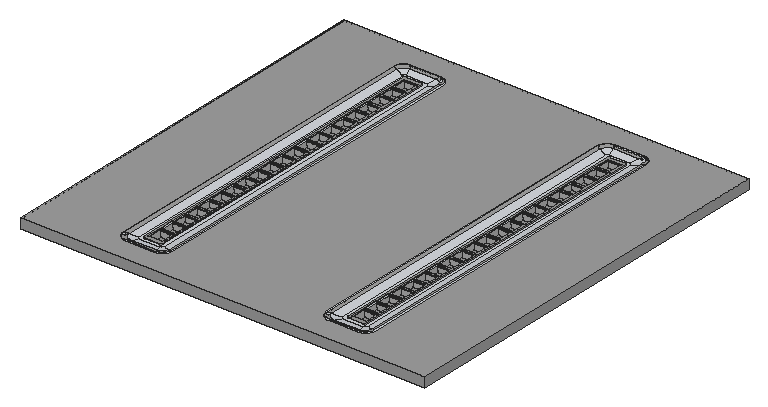
Revit family "0044016 Sylvania Lighting Fixture OptiClip 600 4000K C9 WH CC WHITE", category Lighting Fixtures, host Face, Revit 2016 (continued)
Automatic sketch dimensions
  Blend 25 sketch curve to plane 64 = 4.7 mm
  Extrusion 26 sketch curve to plane 75 = 0 mm
  Extrusion 26 sketch curve to plane 77 = 0 mm
  Extrusion 26 sketch curve to plane 76 = 0 mm
  Extrusion 26 sketch curve to plane 74 = 0 mm
  Extrusion 27 sketch curve to plane 77 = 0 mm
  Extrusion 27 sketch curve to plane 76 = 0 mm
  plane 33 to Extrusion 27 sketch curve = 4.7 mm
  Extrusion 27 sketch curve to plane 32 = 4.7 mm
  Extrusion 28 sketch curve to plane 77 = 0 mm
  Extrusion 28 sketch curve to plane 76 = 0 mm
  plane 35 to Extrusion 28 sketch curve = 4.655 mm
  Extrusion 28 sketch curve to plane 34 = 4.7 mm
  Extrusion 29 sketch curve to plane 77 = 0 mm
  Extrusion 29 sketch curve to plane 76 = 0 mm
  plane 37 to Extrusion 29 sketch curve = 4.745 mm
  Extrusion 29 sketch curve to plane 36 = 4.7 mm
  Extrusion 30 sketch curve to plane 77 = 0 mm
  Extrusion 30 sketch curve to plane 76 = 0 mm
  plane 39 to Extrusion 30 sketch curve = 4.7 mm
  Extrusion 30 sketch curve to plane 38 = 4.7 mm
  Extrusion 31 sketch curve to plane 77 = 0 mm
  Extrusion 31 sketch curve to plane 76 = 0 mm
  plane 41 to Extrusion 31 sketch curve = 4.7 mm
  Extrusion 31 sketch curve to plane 40 = 4.7 mm
  Extrusion 32 sketch curve to plane 77 = 0 mm
  Extrusion 32 sketch curve to plane 76 = 0 mm
  plane 43 to Extrusion 32 sketch curve = 4.7 mm
  Extrusion 32 sketch curve to plane 42 = 4.7 mm
  Extrusion 33 sketch curve to plane 77 = 0 mm
  Extrusion 33 sketch curve to plane 76 = 0 mm
  plane 45 to Extrusion 33 sketch curve = 4.674 mm
  Extrusion 33 sketch curve to plane 44 = 4.7 mm
  Extrusion 34 sketch curve to plane 77 = 0 mm
  Extrusion 34 sketch curve to plane 76 = 0 mm
  plane 47 to Extrusion 34 sketch curve = 4.726 mm
  Extrusion 34 sketch curve to plane 46 = 4.7 mm
  Extrusion 35 sketch curve to plane 77 = 0 mm
  Extrusion 35 sketch curve to plane 76 = 0 mm
  plane 49 to Extrusion 35 sketch curve = 4.7 mm
  Extrusion 35 sketch curve to plane 48 = 4.7 mm
  Extrusion 36 sketch curve to plane 77 = 0 mm
  Extrusion 36 sketch curve to plane 76 = 0 mm
  plane 51 to Extrusion 36 sketch curve = 4.7 mm
  Extrusion 36 sketch curve to plane 50 = 4.7 mm
  Extrusion 37 sketch curve to plane 77 = 0 mm
  Extrusion 37 sketch curve to plane 76 = 0 mm
  plane 53 to Extrusion 37 sketch curve = 4.7 mm
  Extrusion 37 sketch curve to plane 52 = 4.7 mm
  Extrusion 38 sketch curve to plane 77 = 0 mm
  Extrusion 38 sketch curve to plane 76 = 0 mm
  plane 55 to Extrusion 38 sketch curve = 4.7 mm
  Extrusion 38 sketch curve to plane 54 = 4.7 mm
  Extrusion 39 sketch curve to plane 77 = 0 mm
  Extrusion 39 sketch curve to plane 76 = 0 mm
  plane 57 to Extrusion 39 sketch curve = 4.655 mm
  Extrusion 39 sketch curve to plane 56 = 4.7 mm
  Extrusion 40 sketch curve to plane 77 = 0 mm
  Extrusion 40 sketch curve to plane 76 = 0 mm
  plane 59 to Extrusion 40 sketch curve = 4.745 mm
  Extrusion 40 sketch curve to plane 58 = 4.7 mm
  Extrusion 41 sketch curve to plane 77 = 0 mm
  Extrusion 41 sketch curve to plane 76 = 0 mm
  plane 61 to Extrusion 41 sketch curve = 4.7 mm
  Extrusion 41 sketch curve to plane 60 = 4.7 mm
  Extrusion 42 sketch curve to plane 77 = 0 mm
  Extrusion 42 sketch curve to plane 76 = 0 mm
  plane 63 to Extrusion 42 sketch curve = 4.7 mm
  Extrusion 42 sketch curve to plane 62 = 4.7 mm
  Extrusion 43 sketch curve to plane 77 = 0 mm
  Extrusion 43 sketch curve to plane 76 = 0 mm
  plane 65 to Extrusion 43 sketch curve = 4.7 mm
  Extrusion 43 sketch curve to plane 64 = 4.7 mm
  Extrusion 44 sketch curve to plane 77 = 0 mm
  Extrusion 44 sketch curve to plane 76 = 0 mm
  plane 67 to Extrusion 44 sketch curve = 4.7 mm
  Extrusion 44 sketch curve to plane 66 = 4.7 mm
  Extrusion 45 sketch curve to plane 77 = 0 mm
  Extrusion 45 sketch curve to plane 76 = 0 mm
  plane 69 to Extrusion 45 sketch curve = 4.7 mm
  Extrusion 45 sketch curve to plane 68 = 4.7 mm
  Extrusion 46 sketch curve to plane 77 = 0 mm
  Extrusion 46 sketch curve to plane 76 = 0 mm
  plane 71 to Extrusion 46 sketch curve = 4.7 mm
  Extrusion 46 sketch curve to plane 70 = 4.7 mm
  plane 25 to Blend 47 sketch curve = 2.5 mm  (x2)
  plane 3 "Center (Left/Right)" to Blend 47 sketch curve = 114 mm
  Blend 47 sketch curve to plane 24 = 1 mm
  Blend 47 sketch curve to Blend 47 sketch curve = 15 mm  (x2)
  Blend 47 sketch curve to Blend 47 sketch curve = 42 mm  (x2)
  plane 20 to Blend 47 sketch curve = 0 mm
  plane 80 to Blend 47 sketch curve = 2 mm  (x2)
  plane 3 "Center (Left/Right)" to Blend 47 sketch curve = 130.5 mm
  plane 25 to Blend 47 sketch curve = 1 mm
  Blend 47 sketch curve to plane 81 = 2.155 mm
  Blend 47 sketch curve to Blend 47 sketch curve = 4 mm
  Blend 47 sketch curve to Blend 47 sketch curve = 30.692 mm
  Blend 47 sketch curve to Blend 47 sketch curve = 0.297 mm
  Blend 47 sketch curve to plane 81 = 2.222 mm
  Blend 47 sketch curve to Blend 47 sketch curve = 3.933 mm
  plane 24 to Blend 48 sketch curve = 0 mm
  plane 22 to Blend 48 sketch curve = 0 mm
  Blend 48 sketch curve to plane 20 = 1.5 mm  (x2)
  plane 25 to Blend 48 sketch curve = 2.5 mm  (x2)
  Blend 48 sketch curve to plane 10 = 110 mm
  Blend 48 sketch curve to Blend 48 sketch curve = 42 mm
  plane 26 to Blend 48 sketch curve = 0 mm
  plane 25 to Blend 48 sketch curve = 0 mm
  Blend 48 sketch curve to plane 81 = 2.155 mm  (x2)
  Blend 48 sketch curve to plane 81 = 2.066 mm
  plane 80 to Blend 48 sketch curve = 2 mm  (x2)
  Blend 48 sketch curve to plane 10 = 126.5 mm
  Blend 48 sketch curve to Blend 48 sketch curve = 3.014 mm
  Blend 48 sketch curve to Blend 48 sketch curve = 31.034 mm
  Blend 48 sketch curve to Blend 48 sketch curve = 30.692 mm
  plane 30 to Extrusion 49 sketch curve = 0 mm
  plane 29 to Extrusion 49 sketch curve = 0 mm
  plane 3 "Center (Left/Right)" to Extrusion 49 sketch curve = 140 mm
  Extrusion 49 sketch curve to Extrusion 49 sketch curve = 22 mm
  Blend 50 sketch curve to plane 67 = 0 mm
  Blend 50 sketch curve to plane 66 = 0 mm
  Blend 50 sketch curve to plane 73 = 0 mm
  Blend 50 sketch curve to plane 72 = 0 mm
  Blend 50 sketch curve to plane 77 = 0 mm
  Blend 50 sketch curve to plane 76 = 0 mm
  plane 67 to Blend 50 sketch curve = 4.7 mm
  Blend 50 sketch curve to plane 66 = 4.7 mm
  Blend 51 sketch curve to plane 69 = 0 mm
  Blend 51 sketch curve to plane 68 = 0 mm
  Blend 51 sketch curve to plane 73 = 0 mm
  Blend 51 sketch curve to plane 72 = 0 mm
  Blend 51 sketch curve to plane 77 = 0 mm
  Blend 51 sketch curve to plane 76 = 0 mm
  plane 69 to Blend 51 sketch curve = 4.7 mm
  Blend 51 sketch curve to plane 68 = 4.7 mm
  Blend 52 sketch curve to plane 71 = 0 mm
  Blend 52 sketch curve to plane 70 = 0 mm
  Blend 52 sketch curve to plane 73 = 0 mm
  Blend 52 sketch curve to plane 72 = 0 mm
  Blend 52 sketch curve to plane 77 = 0 mm
  Blend 52 sketch curve to plane 76 = 0 mm
  plane 71 to Blend 52 sketch curve = 4.7 mm
  Blend 52 sketch curve to plane 70 = 4.7 mm
  plane 82 to Extrusion 53 sketch curve = 0 mm  (x2)
  Extrusion 53 sketch curve to plane 80 = 0 mm
  plane 81 to Extrusion 53 sketch curve = 0 mm
  plane 3 "Center (Left/Right)" to Extrusion 53 sketch curve = 137.5 mm
  Extrusion 53 sketch curve to plane 30 = 1.726 mm
  Extrusion 53 sketch curve to Extrusion 53 sketch curve = 2.284 mm
  Extrusion 53 sketch curve to Extrusion 53 sketch curve = 22 mm
  Extrusion 53 sketch curve to plane 30 = 1.536 mm
  Extrusion 53 sketch curve to Extrusion 53 sketch curve = 2.456 mm
  plane 31 to Blend 54 sketch curve = 0 mm
  Blend 54 sketch curve to plane 29 = 1.75 mm
  Blend 54 sketch curve to plane 10 = 133.539 mm
  Blend 54 sketch curve to Blend 54 sketch curve = 20.961 mm
  plane 75 to Blend 54 sketch curve = 0 mm
  plane 74 to Blend 54 sketch curve = 0 mm
  Blend 54 sketch curve to plane 10 = 138.039 mm
  Blend 54 sketch curve to Blend 54 sketch curve = 11.961 mm
  plane 33 to Blend 55 sketch curve = 0 mm
  plane 32 to Blend 55 sketch curve = 0 mm
  Blend 55 sketch curve to plane 10 = 133.539 mm
  Blend 55 sketch curve to Blend 55 sketch curve = 20.961 mm
  plane 33 to Blend 55 sketch curve = 4.7 mm
  Blend 55 sketch curve to plane 32 = 4.7 mm
  Blend 55 sketch curve to plane 10 = 138.039 mm
  Blend 55 sketch curve to Blend 55 sketch curve = 11.961 mm
  plane 34 to Blend 56 sketch curve = 0 mm
  Blend 56 sketch curve to plane 35 = 0.045 mm
  Blend 56 sketch curve to plane 10 = 133.539 mm
  Blend 56 sketch curve to Blend 56 sketch curve = 20.961 mm
  plane 35 to Blend 56 sketch curve = 4.655 mm
  Blend 56 sketch curve to plane 34 = 4.7 mm
  Blend 56 sketch curve to plane 10 = 138.039 mm
  Blend 56 sketch curve to Blend 56 sketch curve = 11.961 mm
  plane 36 to Blend 57 sketch curve = 0 mm
  plane 37 to Blend 57 sketch curve = 0.045 mm
  Blend 57 sketch curve to plane 10 = 133.539 mm
  Blend 57 sketch curve to Blend 57 sketch curve = 20.961 mm
  plane 37 to Blend 57 sketch curve = 4.745 mm
  Blend 57 sketch curve to plane 36 = 4.7 mm
  Blend 57 sketch curve to plane 10 = 138.039 mm
  Blend 57 sketch curve to Blend 57 sketch curve = 11.961 mm
  plane 39 to Blend 58 sketch curve = 0 mm
  plane 38 to Blend 58 sketch curve = 0 mm
  Blend 58 sketch curve to plane 10 = 133.539 mm
  Blend 58 sketch curve to Blend 58 sketch curve = 20.961 mm
  plane 39 to Blend 58 sketch curve = 4.7 mm
  Blend 58 sketch curve to plane 38 = 4.7 mm
  Blend 58 sketch curve to plane 10 = 138.039 mm
  Blend 58 sketch curve to Blend 58 sketch curve = 11.961 mm
  plane 41 to Blend 59 sketch curve = 0 mm
  plane 40 to Blend 59 sketch curve = 0 mm
  Blend 59 sketch curve to plane 10 = 133.539 mm
  Blend 59 sketch curve to Blend 59 sketch curve = 20.961 mm
  plane 41 to Blend 59 sketch curve = 4.7 mm
  Blend 59 sketch curve to plane 40 = 4.7 mm
  Blend 59 sketch curve to plane 10 = 138.039 mm
  Blend 59 sketch curve to Blend 59 sketch curve = 11.961 mm
  plane 43 to Blend 60 sketch curve = 0 mm
  plane 42 to Blend 60 sketch curve = 0 mm
  Blend 60 sketch curve to plane 10 = 133.539 mm
  Blend 60 sketch curve to Blend 60 sketch curve = 20.961 mm
  plane 43 to Blend 60 sketch curve = 4.7 mm
  Blend 60 sketch curve to plane 42 = 4.7 mm
  Blend 60 sketch curve to plane 10 = 138.039 mm
  Blend 60 sketch curve to Blend 60 sketch curve = 11.961 mm
  plane 44 to Blend 61 sketch curve = 0 mm
  Blend 61 sketch curve to plane 45 = 0.026 mm
  Blend 61 sketch curve to plane 10 = 133.539 mm
  Blend 61 sketch curve to Blend 61 sketch curve = 20.961 mm
  plane 45 to Blend 61 sketch curve = 4.674 mm
  Blend 61 sketch curve to plane 44 = 4.7 mm
  Blend 61 sketch curve to plane 10 = 138.039 mm
  Blend 61 sketch curve to Blend 61 sketch curve = 11.961 mm
  plane 46 to Blend 62 sketch curve = 0 mm
  plane 47 to Blend 62 sketch curve = 0.026 mm
  Blend 62 sketch curve to plane 10 = 133.539 mm
  Blend 62 sketch curve to Blend 62 sketch curve = 20.961 mm
  plane 47 to Blend 62 sketch curve = 4.726 mm
  Blend 62 sketch curve to plane 46 = 4.7 mm
  Blend 62 sketch curve to plane 10 = 138.039 mm
  Blend 62 sketch curve to Blend 62 sketch curve = 11.961 mm
  plane 49 to Blend 63 sketch curve = 0 mm
  plane 48 to Blend 63 sketch curve = 0 mm
  Blend 63 sketch curve to plane 10 = 133.539 mm
  Blend 63 sketch curve to Blend 63 sketch curve = 20.961 mm
  plane 49 to Blend 63 sketch curve = 4.7 mm
  Blend 63 sketch curve to plane 48 = 4.7 mm
  Blend 63 sketch curve to plane 10 = 138.039 mm
  Blend 63 sketch curve to Blend 63 sketch curve = 11.961 mm
  plane 51 to Blend 64 sketch curve = 0 mm
  plane 50 to Blend 64 sketch curve = 0 mm
  Blend 64 sketch curve to plane 10 = 133.539 mm
  Blend 64 sketch curve to Blend 64 sketch curve = 20.961 mm
  plane 51 to Blend 64 sketch curve = 4.7 mm
  Blend 64 sketch curve to plane 50 = 4.7 mm
  Blend 64 sketch curve to plane 10 = 138.039 mm
  Blend 64 sketch curve to Blend 64 sketch curve = 11.961 mm
  plane 53 to Blend 65 sketch curve = 0 mm
  plane 52 to Blend 65 sketch curve = 0 mm
  Blend 65 sketch curve to plane 10 = 133.539 mm
  Blend 65 sketch curve to Blend 65 sketch curve = 20.961 mm
  plane 53 to Blend 65 sketch curve = 4.7 mm
  Blend 65 sketch curve to plane 52 = 4.7 mm
  Blend 65 sketch curve to plane 10 = 138.039 mm
  Blend 65 sketch curve to Blend 65 sketch curve = 11.961 mm
  plane 55 to Blend 66 sketch curve = 0 mm
  plane 54 to Blend 66 sketch curve = 0 mm
  Blend 66 sketch curve to plane 10 = 133.539 mm
  Blend 66 sketch curve to Blend 66 sketch curve = 20.961 mm
  plane 55 to Blend 66 sketch curve = 4.7 mm
  Blend 66 sketch curve to plane 54 = 4.7 mm
  Blend 66 sketch curve to plane 10 = 138.039 mm
  Blend 66 sketch curve to Blend 66 sketch curve = 11.961 mm
  plane 56 to Blend 67 sketch curve = 0 mm
  Blend 67 sketch curve to plane 57 = 0.045 mm
  Blend 67 sketch curve to plane 10 = 133.539 mm
  Blend 67 sketch curve to Blend 67 sketch curve = 20.961 mm
  plane 57 to Blend 67 sketch curve = 4.655 mm
  Blend 67 sketch curve to plane 56 = 4.7 mm
  Blend 67 sketch curve to plane 10 = 138.039 mm
  Blend 67 sketch curve to Blend 67 sketch curve = 11.961 mm
  plane 58 to Blend 68 sketch curve = 0 mm
  plane 59 to Blend 68 sketch curve = 0.045 mm
  Blend 68 sketch curve to plane 10 = 133.539 mm
  Blend 68 sketch curve to Blend 68 sketch curve = 20.961 mm
  plane 59 to Blend 68 sketch curve = 4.745 mm
  Blend 68 sketch curve to plane 58 = 4.7 mm
  Blend 68 sketch curve to plane 10 = 138.039 mm
  Blend 68 sketch curve to Blend 68 sketch curve = 11.961 mm
  plane 61 to Blend 69 sketch curve = 0 mm
  plane 60 to Blend 69 sketch curve = 0 mm
  Blend 69 sketch curve to plane 10 = 133.539 mm
  Blend 69 sketch curve to Blend 69 sketch curve = 20.961 mm
  plane 61 to Blend 69 sketch curve = 4.7 mm
  Blend 69 sketch curve to plane 60 = 4.7 mm
  Blend 69 sketch curve to plane 10 = 138.039 mm
  Blend 69 sketch curve to Blend 69 sketch curve = 11.961 mm
  plane 63 to Blend 70 sketch curve = 0 mm
  plane 62 to Blend 70 sketch curve = 0 mm
  Blend 70 sketch curve to plane 10 = 133.539 mm
  Blend 70 sketch curve to Blend 70 sketch curve = 20.961 mm
  plane 63 to Blend 70 sketch curve = 4.7 mm
  Blend 70 sketch curve to plane 62 = 4.7 mm
  Blend 70 sketch curve to plane 10 = 138.039 mm
  Blend 70 sketch curve to Blend 70 sketch curve = 11.961 mm
  plane 65 to Blend 71 sketch curve = 0 mm
  plane 64 to Blend 71 sketch curve = 0 mm
  Blend 71 sketch curve to plane 10 = 133.539 mm
  Blend 71 sketch curve to Blend 71 sketch curve = 20.961 mm
  plane 65 to Blend 71 sketch curve = 4.7 mm
  Blend 71 sketch curve to plane 64 = 4.7 mm
  Blend 71 sketch curve to plane 10 = 138.039 mm
  Blend 71 sketch curve to Blend 71 sketch curve = 11.961 mm
  plane 67 to Blend 72 sketch curve = 0 mm
  plane 66 to Blend 72 sketch curve = 0 mm
  Blend 72 sketch curve to plane 10 = 133.539 mm
  Blend 72 sketch curve to Blend 72 sketch curve = 20.961 mm
  plane 67 to Blend 72 sketch curve = 4.7 mm
  Blend 72 sketch curve to plane 66 = 4.7 mm
  Blend 72 sketch curve to plane 10 = 138.039 mm
  Blend 72 sketch curve to Blend 72 sketch curve = 11.961 mm
  plane 69 to Blend 73 sketch curve = 0 mm
  plane 68 to Blend 73 sketch curve = 0 mm
  Blend 73 sketch curve to plane 10 = 133.539 mm
  Blend 73 sketch curve to Blend 73 sketch curve = 20.961 mm
  plane 69 to Blend 73 sketch curve = 4.7 mm
  Blend 73 sketch curve to plane 68 = 4.7 mm
  Blend 73 sketch curve to plane 10 = 138.039 mm
  Blend 73 sketch curve to Blend 73 sketch curve = 11.961 mm
  plane 71 to Blend 74 sketch curve = 0 mm
  plane 70 to Blend 74 sketch curve = 0 mm
  Blend 74 sketch curve to plane 10 = 133.539 mm
  Blend 74 sketch curve to Blend 74 sketch curve = 20.961 mm
  plane 71 to Blend 74 sketch curve = 4.7 mm
  Blend 74 sketch curve to plane 70 = 4.7 mm
  Blend 74 sketch curve to plane 10 = 138.039 mm
  Blend 74 sketch curve to Blend 74 sketch curve = 11.961 mm
  plane 75 to Extrusion 75 sketch curve = 0 mm
  plane 74 to Extrusion 75 sketch curve = 0 mm
  plane 3 "Center (Left/Right)" to Extrusion 75 sketch curve = 145 mm
  Extrusion 75 sketch curve to Extrusion 75 sketch curve = 11.961 mm
  plane 33 to Extrusion 76 sketch curve = 4.7 mm
  plane 3 "Center (Left/Right)" to Extrusion 76 sketch curve = 145 mm
  Extrusion 76 sketch curve to Extrusion 76 sketch curve = 11.961 mm
  Extrusion 76 sketch curve to plane 32 = 4.7 mm
  plane 35 to Extrusion 77 sketch curve = 4.655 mm
  plane 3 "Center (Left/Right)" to Extrusion 77 sketch curve = 145 mm
  Extrusion 77 sketch curve to Extrusion 77 sketch curve = 11.961 mm
  Extrusion 77 sketch curve to plane 34 = 4.7 mm
  plane 37 to Extrusion 78 sketch curve = 4.745 mm
  plane 3 "Center (Left/Right)" to Extrusion 78 sketch curve = 145 mm
  Extrusion 78 sketch curve to Extrusion 78 sketch curve = 11.961 mm
  Extrusion 78 sketch curve to plane 36 = 4.7 mm
  plane 39 to Extrusion 79 sketch curve = 4.7 mm
  plane 3 "Center (Left/Right)" to Extrusion 79 sketch curve = 145 mm
  Extrusion 79 sketch curve to Extrusion 79 sketch curve = 11.961 mm
  Extrusion 79 sketch curve to plane 38 = 4.7 mm
  plane 41 to Extrusion 80 sketch curve = 4.7 mm
  plane 3 "Center (Left/Right)" to Extrusion 80 sketch curve = 145 mm
  Extrusion 80 sketch curve to Extrusion 80 sketch curve = 11.961 mm
  Extrusion 80 sketch curve to plane 40 = 4.7 mm
  plane 43 to Extrusion 81 sketch curve = 4.7 mm
  plane 3 "Center (Left/Right)" to Extrusion 81 sketch curve = 145 mm
  Extrusion 81 sketch curve to Extrusion 81 sketch curve = 11.961 mm
  Extrusion 81 sketch curve to plane 42 = 4.7 mm
  plane 45 to Extrusion 82 sketch curve = 4.674 mm
  plane 3 "Center (Left/Right)" to Extrusion 82 sketch curve = 145 mm
  Extrusion 82 sketch curve to Extrusion 82 sketch curve = 11.961 mm
  Extrusion 82 sketch curve to plane 44 = 4.7 mm
  plane 47 to Extrusion 83 sketch curve = 4.726 mm
  plane 3 "Center (Left/Right)" to Extrusion 83 sketch curve = 145 mm
  Extrusion 83 sketch curve to Extrusion 83 sketch curve = 11.961 mm
  Extrusion 83 sketch curve to plane 46 = 4.7 mm
  plane 49 to Extrusion 84 sketch curve = 4.7 mm
  plane 3 "Center (Left/Right)" to Extrusion 84 sketch curve = 145 mm
  Extrusion 84 sketch curve to Extrusion 84 sketch curve = 11.961 mm
  Extrusion 84 sketch curve to plane 48 = 4.7 mm
  plane 51 to Extrusion 85 sketch curve = 4.7 mm
  plane 3 "Center (Left/Right)" to Extrusion 85 sketch curve = 145 mm
  Extrusion 85 sketch curve to Extrusion 85 sketch curve = 11.961 mm
  Extrusion 85 sketch curve to plane 50 = 4.7 mm
  plane 53 to Extrusion 86 sketch curve = 4.7 mm
  plane 3 "Center (Left/Right)" to Extrusion 86 sketch curve = 145 mm
  Extrusion 86 sketch curve to Extrusion 86 sketch curve = 11.961 mm
  Extrusion 86 sketch curve to plane 52 = 4.7 mm
  plane 55 to Extrusion 87 sketch curve = 4.7 mm
  plane 3 "Center (Left/Right)" to Extrusion 87 sketch curve = 145 mm
  Extrusion 87 sketch curve to Extrusion 87 sketch curve = 11.961 mm
  Extrusion 87 sketch curve to plane 54 = 4.7 mm
  plane 57 to Extrusion 88 sketch curve = 4.655 mm
  plane 3 "Center (Left/Right)" to Extrusion 88 sketch curve = 145 mm
  Extrusion 88 sketch curve to Extrusion 88 sketch curve = 11.961 mm
  Extrusion 88 sketch curve to plane 56 = 4.7 mm
  plane 59 to Extrusion 89 sketch curve = 4.745 mm
  plane 3 "Center (Left/Right)" to Extrusion 89 sketch curve = 145 mm
  Extrusion 89 sketch curve to Extrusion 89 sketch curve = 11.961 mm
  Extrusion 89 sketch curve to plane 58 = 4.7 mm
  plane 61 to Extrusion 90 sketch curve = 4.7 mm
  plane 3 "Center (Left/Right)" to Extrusion 90 sketch curve = 145 mm
  Extrusion 90 sketch curve to Extrusion 90 sketch curve = 11.961 mm
  Extrusion 90 sketch curve to plane 60 = 4.7 mm
  plane 63 to Extrusion 91 sketch curve = 4.7 mm
  plane 3 "Center (Left/Right)" to Extrusion 91 sketch curve = 145 mm
  Extrusion 91 sketch curve to Extrusion 91 sketch curve = 11.961 mm
  Extrusion 91 sketch curve to plane 62 = 4.7 mm
  plane 65 to Extrusion 92 sketch curve = 4.7 mm
  plane 3 "Center (Left/Right)" to Extrusion 92 sketch curve = 145 mm
  Extrusion 92 sketch curve to Extrusion 92 sketch curve = 11.961 mm
  Extrusion 92 sketch curve to plane 64 = 4.7 mm
  plane 67 to Extrusion 93 sketch curve = 4.7 mm
  plane 3 "Center (Left/Right)" to Extrusion 93 sketch curve = 145 mm
  Extrusion 93 sketch curve to Extrusion 93 sketch curve = 11.961 mm
  Extrusion 93 sketch curve to plane 66 = 4.7 mm
  plane 69 to Extrusion 94 sketch curve = 4.7 mm
  plane 3 "Center (Left/Right)" to Extrusion 94 sketch curve = 145 mm
  Extrusion 94 sketch curve to Extrusion 94 sketch curve = 11.961 mm
  Extrusion 94 sketch curve to plane 68 = 4.7 mm
  plane 71 to Extrusion 95 sketch curve = 4.7 mm
  plane 3 "Center (Left/Right)" to Extrusion 95 sketch curve = 145 mm
  Extrusion 95 sketch curve to Extrusion 95 sketch curve = 11.961 mm
  Extrusion 95 sketch curve to plane 70 = 4.7 mm
  Extrusion 96 sketch curve to plane 7 = 0 mm
  plane 8 to Extrusion 96 sketch curve = 0 mm
  plane 6 to Extrusion 96 sketch curve = 0 mm
  plane 5 to Extrusion 96 sketch curve = 0 mm
Connectors
  electrical at (0, 0, -1.008)
    settings: on cut or joined group of Extrusion 2, Extrusion 3, Blend 5, Blend 48, index 1, voltage 0 V, apparent load 0 VA, apparent load phase1 0 VA, apparent load phase2 0 VA, apparent load phase3 0 VA, power factor 1, load classification "Other", number of poles 1, system type 31, power factor state 1, is connector primary yes, connector utility no, sub classification motor no, connector description ""
